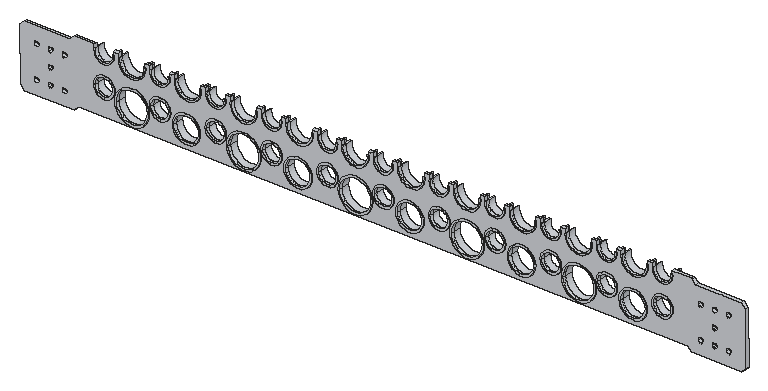
Revit family (continued)
Connectors (in)
  piping at (-6, 0, -0.0885)
    settings: on cut or joined group 1 (Extrusion 1, Extrusion 2, Extrusion 3, Extrusion 4, Extrusion 5, Extrusion 6, Extrusion 8, Extrusion 10, Extrusion 12, Extrusion 14, Extrusion 16, Extrusion 17, Extrusion 19, Extrusion 21, Extrusion 23, Extrusion 25, Extrusion 27, Extrusion 29, Extrusion 31, Extrusion 33, Extrusion 35, Extrusion 37, Extrusion 39, Extrusion 41, Extrusion 43, Extrusion 45, Extrusion 47, Extrusion 49, Extrusion 51, Extrusion 53, Extrusion 55, Extrusion 57, Extrusion 59, Extrusion 61, Extrusion 63, Extrusion 65, Extrusion 67, Extrusion 69, Extrusion 71, Extrusion 73, Extrusion 75, Extrusion 77, Extrusion 79, Extrusion 81, Extrusion 83, Extrusion 85, Extrusion 87, Extrusion 89, Extrusion 91, Extrusion 92, Extrusion 93, Extrusion 94, Extrusion 95, Extrusion 96, Extrusion 97, Extrusion 98, Extrusion 99, Extrusion 100, Extrusion 101, Extrusion 102, Extrusion 103, Extrusion 104), index 39, connector radius 1/4", flow factor 0, pipe flow 0 GPM, pressure drop 0.00 psi, fitting loss kfactor 0, connector angle 0.00°, fixture units 0, flow configuration 0, flow direction 0, fitting loss method 0, system type 22, connector reference index -1, connector utility 0, adjustable connector no, is connector primary no, fitting loss table "", connector description ""
  piping at (-8, 0, 1.04217)
    settings: on cut or joined group of Extrusion 51, Extrusion 52, Extrusion 53, index 40, connector radius 1/4", flow factor 0, pipe flow 0 GPM, pressure drop 0.00 psi, fitting loss kfactor 0, connector angle 0.00°, fixture units 0, flow configuration 0, flow direction 0, fitting loss method 0, system type 22, connector reference index -1, connector utility 0, adjustable connector no, is connector primary no, fitting loss table "", connector description ""
  piping at (-8, 0, -0.0885)
    settings: on cut or joined group of Extrusion 19, Extrusion 20, Extrusion 23, index 41, connector radius 1/4", flow factor 0, pipe flow 0 GPM, pressure drop 0.00 psi, fitting loss kfactor 0, connector angle 0.00°, fixture units 0, flow configuration 0, flow direction 0, fitting loss method 0, system type 22, connector reference index -1, connector utility 0, adjustable connector no, is connector primary no, fitting loss table "", connector description ""
  piping at (-10, 0, -0.0885)
    settings: on cut or joined group of Extrusion 17, Extrusion 18, Extrusion 19, Extrusion 21, index 42, connector radius 1/4", flow factor 0, pipe flow 0 GPM, pressure drop 0.00 psi, fitting loss kfactor 0, connector angle 0.00°, fixture units 0, flow configuration 0, flow direction 0, fitting loss method 0, system type 22, connector reference index -1, connector utility 0, adjustable connector no, is connector primary no, fitting loss table "", connector description ""
  piping at (-10, 0, 1.04217)
    settings: on cut or joined group of Extrusion 49, Extrusion 50, Extrusion 51, Extrusion 71, index 43, connector radius 1/4", flow factor 0, pipe flow 0 GPM, pressure drop 0.00 psi, fitting loss kfactor 0, connector angle 0.00°, fixture units 0, flow configuration 0, flow direction 0, fitting loss method 0, system type 22, connector reference index -1, connector utility 0, adjustable connector no, is connector primary no, fitting loss table "", connector description ""
  piping at (-9, 0.094, -0.3875)
    settings: on cut or joined group 1, index 44, connector radius 1/2", flow factor 0, pipe flow 0 GPM, pressure drop 0.00 psi, fitting loss kfactor 0, connector angle 0.00°, fixture units 0, flow configuration 0, flow direction 0, fitting loss method 0, system type 22, connector reference index -1, connector utility 0, adjustable connector no, is connector primary no, fitting loss table "", connector description ""
  piping at (-5, 0.094, -0.3875)
    settings: on cut or joined group 1, index 45, connector radius 1/2", flow factor 0, pipe flow 0 GPM, pressure drop 0.00 psi, fitting loss kfactor 0, connector angle 0.00°, fixture units 0, flow configuration 0, flow direction 0, fitting loss method 0, system type 22, connector reference index -1, connector utility 0, adjustable connector no, is connector primary no, fitting loss table "", connector description ""
  piping at (-1, 0.094, -0.3875)
    settings: on cut or joined group 1, index 46, connector radius 1/2", flow factor 0, pipe flow 0 GPM, pressure drop 0.00 psi, fitting loss kfactor 0, connector angle 0.00°, fixture units 0, flow configuration 0, flow direction 0, fitting loss method 0, system type 22, connector reference index -1, connector utility 0, adjustable connector no, is connector primary no, fitting loss table "", connector description ""
  piping at (3, 0.094, -0.3875)
    settings: on cut or joined group 1, index 47, connector radius 1/2", flow factor 0, pipe flow 0 GPM, pressure drop 0.00 psi, fitting loss kfactor 0, connector angle 0.00°, fixture units 0, flow configuration 0, flow direction 0, fitting loss method 0, system type 22, connector reference index -1, connector utility 0, adjustable connector no, is connector primary no, fitting loss table "", connector description ""
  piping at (7, 0.094, -0.3875)
    settings: on cut or joined group 1, index 48, connector radius 1/2", flow factor 0, pipe flow 0 GPM, pressure drop 0.00 psi, fitting loss kfactor 0, connector angle 0.00°, fixture units 0, flow configuration 0, flow direction 0, fitting loss method 0, system type 22, connector reference index -1, connector utility 0, adjustable connector no, is connector primary no, fitting loss table "", connector description ""
  piping at (-7.0544, 0.094, -0.39233)
    settings: on cut or joined group 1, index 49, connector radius 0.38", flow factor 0, pipe flow 0 GPM, pressure drop 0.00 psi, fitting loss kfactor 0, connector angle 0.00°, fixture units 0, flow configuration 0, flow direction 0, fitting loss method 0, system type 22, connector reference index -1, connector utility 0, adjustable connector no, is connector primary no, fitting loss table "", connector description ""
  piping at (-3.0544, 0.094, -0.39233)
    settings: on cut or joined group 1, index 50, connector radius 0.38", flow factor 0, pipe flow 0 GPM, pressure drop 0.00 psi, fitting loss kfactor 0, connector angle 0.00°, fixture units 0, flow configuration 0, flow direction 0, fitting loss method 0, system type 22, connector reference index -1, connector utility 0, adjustable connector no, is connector primary no, fitting loss table "", connector description ""
  piping at (0.9456, 0.094, -0.39233)
    settings: on cut or joined group 1, index 51, connector radius 0.38", flow factor 0, pipe flow 0 GPM, pressure drop 0.00 psi, fitting loss kfactor 0, connector angle 0.00°, fixture units 0, flow configuration 0, flow direction 0, fitting loss method 0, system type 22, connector reference index -1, connector utility 0, adjustable connector no, is connector primary no, fitting loss table "", connector description ""
  piping at (4.9456, 0.094, -0.39233)
    settings: on cut or joined group 1, index 52, connector radius 0.38", flow factor 0, pipe flow 0 GPM, pressure drop 0.00 psi, fitting loss kfactor 0, connector angle 0.00°, fixture units 0, flow configuration 0, flow direction 0, fitting loss method 0, system type 22, connector reference index -1, connector utility 0, adjustable connector no, is connector primary no, fitting loss table "", connector description ""
  piping at (8.9456, 0.094, -0.39233)
    settings: on cut or joined group 1, index 53, connector radius 0.38", flow factor 0, pipe flow 0 GPM, pressure drop 0.00 psi, fitting loss kfactor 0, connector angle 0.00°, fixture units 0, flow configuration 0, flow direction 0, fitting loss method 0, system type 22, connector reference index -1, connector utility 0, adjustable connector no, is connector primary no, fitting loss table "", connector description ""
  piping at (-9.00011, 0.3685, 1.04125)
    settings: on cut or joined group of Extrusion 71, Extrusion 72, Extrusion 73, index 54, connector radius 0.38", flow factor 0, pipe flow 0 GPM, pressure drop 0.00 psi, fitting loss kfactor 0, connector angle 0.00°, fixture units 0, flow configuration 0, flow direction 0, fitting loss method 0, system type 22, connector reference index -1, connector utility 0, adjustable connector no, is connector primary no, fitting loss table "", connector description ""
  piping at (-7.00011, 0.3685, 1.04125)
    settings: on cut or joined group of Extrusion 73, Extrusion 74, Extrusion 75, index 55, connector radius 0.38", flow factor 0, pipe flow 0 GPM, pressure drop 0.00 psi, fitting loss kfactor 0, connector angle 0.00°, fixture units 0, flow configuration 0, flow direction 0, fitting loss method 0, system type 22, connector reference index -1, connector utility 0, adjustable connector no, is connector primary no, fitting loss table "", connector description ""
  piping at (-5.00011, 0.3685, 1.04125)
    settings: on cut or joined group of Extrusion 75, Extrusion 76, Extrusion 77, index 56, connector radius 0.38", flow factor 0, pipe flow 0 GPM, pressure drop 0.00 psi, fitting loss kfactor 0, connector angle 0.00°, fixture units 0, flow configuration 0, flow direction 0, fitting loss method 0, system type 22, connector reference index -1, connector utility 0, adjustable connector no, is connector primary no, fitting loss table "", connector description ""
  piping at (-3.00011, 0.3685, 1.04125)
    settings: on cut or joined group of Extrusion 77, Extrusion 78, Extrusion 79, index 57, connector radius 0.38", flow factor 0, pipe flow 0 GPM, pressure drop 0.00 psi, fitting loss kfactor 0, connector angle 0.00°, fixture units 0, flow configuration 0, flow direction 0, fitting loss method 0, system type 22, connector reference index -1, connector utility 0, adjustable connector no, is connector primary no, fitting loss table "", connector description ""
  piping at (-1.00011, 0.3685, 1.04125)
    settings: on cut or joined group of Extrusion 79, Extrusion 80, Extrusion 81, index 59, connector radius 0.38", flow factor 0, pipe flow 0 GPM, pressure drop 0.00 psi, fitting loss kfactor 0, connector angle 0.00°, fixture units 0, flow configuration 0, flow direction 0, fitting loss method 0, system type 22, connector reference index -1, connector utility 0, adjustable connector no, is connector primary no, fitting loss table "", connector description ""
  piping at (0.99989, 0.3685, 1.04125)
    settings: on cut or joined group of Extrusion 81, Extrusion 82, Extrusion 83, index 60, connector radius 0.38", flow factor 0, pipe flow 0 GPM, pressure drop 0.00 psi, fitting loss kfactor 0, connector angle 0.00°, fixture units 0, flow configuration 0, flow direction 0, fitting loss method 0, system type 22, connector reference index -1, connector utility 0, adjustable connector no, is connector primary no, fitting loss table "", connector description ""
  piping at (2.99989, 0.3685, 1.04125)
    settings: on cut or joined group of Extrusion 83, Extrusion 84, Extrusion 85, index 61, connector radius 0.38", flow factor 0, pipe flow 0 GPM, pressure drop 0.00 psi, fitting loss kfactor 0, connector angle 0.00°, fixture units 0, flow configuration 0, flow direction 0, fitting loss method 0, system type 22, connector reference index -1, connector utility 0, adjustable connector no, is connector primary no, fitting loss table "", connector description ""
  piping at (4.99989, 0.3685, 1.04125)
    settings: on cut or joined group of Extrusion 85, Extrusion 86, Extrusion 87, index 62, connector radius 0.38", flow factor 0, pipe flow 0 GPM, pressure drop 0.00 psi, fitting loss kfactor 0, connector angle 0.00°, fixture units 0, flow configuration 0, flow direction 0, fitting loss method 0, system type 22, connector reference index -1, connector utility 0, adjustable connector no, is connector primary no, fitting loss table "", connector description ""
  piping at (6.99989, 0.3685, 1.04125)
    settings: on cut or joined group of Extrusion 87, Extrusion 88, Extrusion 89, index 63, connector radius 0.38", flow factor 0, pipe flow 0 GPM, pressure drop 0.00 psi, fitting loss kfactor 0, connector angle 0.00°, fixture units 0, flow configuration 0, flow direction 0, fitting loss method 0, system type 22, connector reference index -1, connector utility 0, adjustable connector no, is connector primary no, fitting loss table "", connector description ""
  piping at (8.99989, 0.3685, 1.04125)
    settings: on cut or joined group of Extrusion 89, Extrusion 90, index 64, connector radius 0.38", flow factor 0, pipe flow 0 GPM, pressure drop 0.00 psi, fitting loss kfactor 0, connector angle 0.00°, fixture units 0, flow configuration 0, flow direction 0, fitting loss method 0, system type 22, connector reference index -1, connector utility 0, adjustable connector no, is connector primary no, fitting loss table "", connector description ""
  piping at (-10, 0.3685, 1.04217)
    settings: on cut or joined group of Extrusion 49, Extrusion 50, Extrusion 51, Extrusion 71, index 65, connector radius 1/4", flow factor 0, pipe flow 0 GPM, pressure drop 0.00 psi, fitting loss kfactor 0, connector angle 0.00°, fixture units 0, flow configuration 0, flow direction 0, fitting loss method 0, system type 22, connector reference index -1, connector utility 0, adjustable connector no, is connector primary no, fitting loss table "", connector description ""
  piping at (-10, 0.3685, -0.0885)
    settings: on cut or joined group of Extrusion 17, Extrusion 18, Extrusion 19, Extrusion 21, index 66, connector radius 1/4", flow factor 0, pipe flow 0 GPM, pressure drop 0.00 psi, fitting loss kfactor 0, connector angle 0.00°, fixture units 0, flow configuration 0, flow direction 0, fitting loss method 0, system type 22, connector reference index -1, connector utility 0, adjustable connector no, is connector primary no, fitting loss table "", connector description ""
  piping at (-8, 0.3685, -0.0885)
    settings: on cut or joined group of Extrusion 19, Extrusion 20, Extrusion 23, index 67, connector radius 1/4", flow factor 0, pipe flow 0 GPM, pressure drop 0.00 psi, fitting loss kfactor 0, connector angle 0.00°, fixture units 0, flow configuration 0, flow direction 0, fitting loss method 0, system type 22, connector reference index -1, connector utility 0, adjustable connector no, is connector primary no, fitting loss table "", connector description ""
  piping at (-8, 0.3685, 1.04217)
    settings: on cut or joined group of Extrusion 51, Extrusion 52, Extrusion 53, index 68, connector radius 1/4", flow factor 0, pipe flow 0 GPM, pressure drop 0.00 psi, fitting loss kfactor 0, connector angle 0.00°, fixture units 0, flow configuration 0, flow direction 0, fitting loss method 0, system type 22, connector reference index -1, connector utility 0, adjustable connector no, is connector primary no, fitting loss table "", connector description ""
  piping at (-6, 0.3685, 1.04217)
    settings: on cut or joined group of Extrusion 53, Extrusion 54, Extrusion 55, index 69, connector radius 1/4", flow factor 0, pipe flow 0 GPM, pressure drop 0.00 psi, fitting loss kfactor 0, connector angle 0.00°, fixture units 0, flow configuration 0, flow direction 0, fitting loss method 0, system type 22, connector reference index -1, connector utility 0, adjustable connector no, is connector primary no, fitting loss table "", connector description ""
  piping at (-6, 0.3685, -0.0885)
    settings: on cut or joined group of Extrusion 21, Extrusion 22, Extrusion 25, index 70, connector radius 1/4", flow factor 0, pipe flow 0 GPM, pressure drop 0.00 psi, fitting loss kfactor 0, connector angle 0.00°, fixture units 0, flow configuration 0, flow direction 0, fitting loss method 0, system type 22, connector reference index -1, connector utility 0, adjustable connector no, is connector primary no, fitting loss table "", connector description ""
  piping at (-4, 0.3685, 1.04217)
    settings: on cut or joined group of Extrusion 55, Extrusion 56, Extrusion 57, index 71, connector radius 1/4", flow factor 0, pipe flow 0 GPM, pressure drop 0.00 psi, fitting loss kfactor 0, connector angle 0.00°, fixture units 0, flow configuration 0, flow direction 0, fitting loss method 0, system type 22, connector reference index -1, connector utility 0, adjustable connector no, is connector primary no, fitting loss table "", connector description ""
  piping at (-4, 0.3685, -0.0885)
    settings: on cut or joined group of Extrusion 23, Extrusion 24, Extrusion 27, index 73, connector radius 1/4", flow factor 0, pipe flow 0 GPM, pressure drop 0.00 psi, fitting loss kfactor 0, connector angle 0.00°, fixture units 0, flow configuration 0, flow direction 0, fitting loss method 0, system type 22, connector reference index -1, connector utility 0, adjustable connector no, is connector primary no, fitting loss table "", connector description ""
  piping at (-2, 0.3685, 1.04217)
    settings: on cut or joined group of Extrusion 57, Extrusion 58, Extrusion 59, index 74, connector radius 1/4", flow factor 0, pipe flow 0 GPM, pressure drop 0.00 psi, fitting loss kfactor 0, connector angle 0.00°, fixture units 0, flow configuration 0, flow direction 0, fitting loss method 0, system type 22, connector reference index -1, connector utility 0, adjustable connector no, is connector primary no, fitting loss table "", connector description ""
  piping at (-2, 0.3685, -0.0885)
    settings: on cut or joined group of Extrusion 25, Extrusion 26, Extrusion 29, index 75, connector radius 1/4", flow factor 0, pipe flow 0 GPM, pressure drop 0.00 psi, fitting loss kfactor 0, connector angle 0.00°, fixture units 0, flow configuration 0, flow direction 0, fitting loss method 0, system type 22, connector reference index -1, connector utility 0, adjustable connector no, is connector primary no, fitting loss table "", connector description ""
  piping at (0, 0.3685, 1.04217)
    settings: on cut or joined group of Extrusion 59, Extrusion 60, Extrusion 61, index 76, connector radius 1/4", flow factor 0, pipe flow 0 GPM, pressure drop 0.00 psi, fitting loss kfactor 0, connector angle 0.00°, fixture units 0, flow configuration 0, flow direction 0, fitting loss method 0, system type 22, connector reference index -1, connector utility 0, adjustable connector no, is connector primary no, fitting loss table "", connector description ""
  piping at (0, 0.3685, -0.0885)
    settings: on cut or joined group of Extrusion 27, Extrusion 28, Extrusion 31, index 77, connector radius 1/4", flow factor 0, pipe flow 0 GPM, pressure drop 0.00 psi, fitting loss kfactor 0, connector angle 0.00°, fixture units 0, flow configuration 0, flow direction 0, fitting loss method 0, system type 22, connector reference index -1, connector utility 0, adjustable connector no, is connector primary no, fitting loss table "", connector description ""
  piping at (2, 0.3685, 1.04217)
    settings: on cut or joined group of Extrusion 61, Extrusion 62, Extrusion 63, index 78, connector radius 1/4", flow factor 0, pipe flow 0 GPM, pressure drop 0.00 psi, fitting loss kfactor 0, connector angle 0.00°, fixture units 0, flow configuration 0, flow direction 0, fitting loss method 0, system type 22, connector reference index -1, connector utility 0, adjustable connector no, is connector primary no, fitting loss table "", connector description ""
  piping at (2, 0.3685, -0.0885)
    settings: on cut or joined group of Extrusion 29, Extrusion 30, Extrusion 33, index 79, connector radius 1/4", flow factor 0, pipe flow 0 GPM, pressure drop 0.00 psi, fitting loss kfactor 0, connector angle 0.00°, fixture units 0, flow configuration 0, flow direction 0, fitting loss method 0, system type 22, connector reference index -1, connector utility 0, adjustable connector no, is connector primary no, fitting loss table "", connector description ""
  piping at (4, 0.3685, 1.04217)
    settings: on cut or joined group of Extrusion 63, Extrusion 64, Extrusion 65, index 80, connector radius 1/4", flow factor 0, pipe flow 0 GPM, pressure drop 0.00 psi, fitting loss kfactor 0, connector angle 0.00°, fixture units 0, flow configuration 0, flow direction 0, fitting loss method 0, system type 22, connector reference index -1, connector utility 0, adjustable connector no, is connector primary no, fitting loss table "", connector description ""
  piping at (4, 0.3685, -0.0885)
    settings: on cut or joined group of Extrusion 31, Extrusion 32, Extrusion 35, index 81, connector radius 1/4", flow factor 0, pipe flow 0 GPM, pressure drop 0.00 psi, fitting loss kfactor 0, connector angle 0.00°, fixture units 0, flow configuration 0, flow direction 0, fitting loss method 0, system type 22, connector reference index -1, connector utility 0, adjustable connector no, is connector primary no, fitting loss table "", connector description ""
  piping at (6, 0.3685, 1.04217)
    settings: on cut or joined group of Extrusion 65, Extrusion 66, Extrusion 67, index 82, connector radius 1/4", flow factor 0, pipe flow 0 GPM, pressure drop 0.00 psi, fitting loss kfactor 0, connector angle 0.00°, fixture units 0, flow configuration 0, flow direction 0, fitting loss method 0, system type 22, connector reference index -1, connector utility 0, adjustable connector no, is connector primary no, fitting loss table "", connector description ""
  piping at (6, 0.3685, -0.0885)
    settings: on cut or joined group of Extrusion 33, Extrusion 34, index 83, connector radius 1/4", flow factor 0, pipe flow 0 GPM, pressure drop 0.00 psi, fitting loss kfactor 0, connector angle 0.00°, fixture units 0, flow configuration 0, flow direction 0, fitting loss method 0, system type 22, connector reference index -1, connector utility 0, adjustable connector no, is connector primary no, fitting loss table "", connector description ""
  piping at (8, 0.3685, 1.04217)
    settings: on cut or joined group of Extrusion 67, Extrusion 68, Extrusion 69, index 84, connector radius 1/4", flow factor 0, pipe flow 0 GPM, pressure drop 0.00 psi, fitting loss kfactor 0, connector angle 0.00°, fixture units 0, flow configuration 0, flow direction 0, fitting loss method 0, system type 22, connector reference index -1, connector utility 0, adjustable connector no, is connector primary no, fitting loss table "", connector description ""
  piping at (8, 0.3685, -0.0885)
    settings: on cut or joined group of Extrusion 35, Extrusion 36, Extrusion 47, index 85, connector radius 1/4", flow factor 0, pipe flow 0 GPM, pressure drop 0.00 psi, fitting loss kfactor 0, connector angle 0.00°, fixture units 0, flow configuration 0, flow direction 0, fitting loss method 0, system type 22, connector reference index -1, connector utility 0, adjustable connector no, is connector primary no, fitting loss table "", connector description ""
  piping at (10, 0.3685, 1.04217)
    settings: on cut or joined group of Extrusion 69, Extrusion 70, index 86, connector radius 1/4", flow factor 0, pipe flow 0 GPM, pressure drop 0.00 psi, fitting loss kfactor 0, connector angle 0.00°, fixture units 0, flow configuration 0, flow direction 0, fitting loss method 0, system type 22, connector reference index -1, connector utility 0, adjustable connector no, is connector primary no, fitting loss table "", connector description ""
  piping at (10, 0.3685, -0.0885)
    settings: on cut or joined group of Extrusion 47, Extrusion 48, index 87, connector radius 1/4", flow factor 0, pipe flow 0 GPM, pressure drop 0.00 psi, fitting loss kfactor 0, connector angle 0.00°, fixture units 0, flow configuration 0, flow direction 0, fitting loss method 0, system type 22, connector reference index -1, connector utility 0, adjustable connector no, is connector primary no, fitting loss table "", connector description ""
